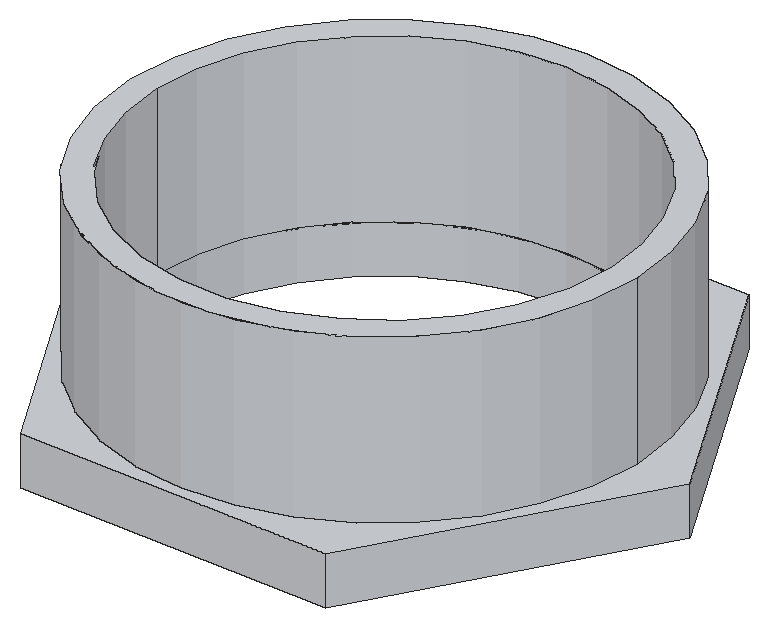
Revit family "MBBL6", category Generic Models, Revit 2017
Family settings
  Can host rebar = No
  Round Connector Dimension = Use Diameter
  Part Type = Normal
  Work Plane-Based = Yes
  Always vertical = No
  Cut with Voids When Loaded = No
  Shared = No
  Room Calculation Point = No
Parameters (values of type "NBS Standard Parameters")
  Weight = "0.150Kg"
  WarrantyStartDate [instance] = "1900-12-31T23:59:59"
  WarrantyGuarantorParts = "n/a"
  WarrantyGuarantorLabor = "n/a"
  WarrantyDurationUnit = "1 year"
  WarrantyDurationParts = "1 year"
  WarrantyDurationLabor = "n/a"
  WarrantyDescription = "n/a"
  Version = "1"
  Uniclass2 = "Pr_65_70_11_20"
  TagNumber [instance] = "n/a"
  SustainabilityPerformance = "n/a"
  Size = "63mm"
  Shape = "Circular"
  SerialNumber [instance] = "n/a"
  Revision = "n/a"
  ReplacementCost = "n/a"
  ProductInformation = "www.metpro.co.uk/pdf/mbbl6.pdf"
  NominalWidth = 67 mm
  NominalLength = 67 mm
  NominalHeight = 26 mm
  Name = ""
  NBSTypeID = ""
  NBSReference = "90-55-10/460"
  NBSOfficeMasterTag = ""
  NBSNote = ""
  NBSDescription = "Conduit Fittings"
  NBSCertification = ""
  ModelReference = "MBBL6"
  ModelNumber = "n/a"
  Material = "Brass"
  ManufacturerURL = "www.metpro.co.uk"
  ManufacturerName = "Metpro Ltd"
  InstallationDate [instance] = "1900-12-31T23:59:59"
  IfcExportType = ""
  IfcExportAs = ""
  Grade = "n/a"
  Finish = "Self Colour"
  Features = "n/a"
  ExpectedLife = "n/a"
  DurationUnit = "year"
  Description = "MBBL6 - 63mm Male Brass Bush  - Long"
  Default Elevation = 1219.2 mm
  Constituents = "n/a"
  Color = "n/a"
  CodePerformance = "n/a"
  Category = "n/a"
  BarCode [instance] = "n/a"
  BIMObjectName = "Metpro_metprolibrary_conduitfittings_metalcomponent_brassaccessories"
  Author = "Metpro Ltd"
  AssetType = "Fixed"
  AssetIdentifier [instance] = "n/a"
  AccessibilityPerformance = "n/a"
Reference planes
  plane 1 "Center (Front/Back)": y = 0
  plane 2: z = 0
  plane 3 "Center (Left/Right)": x = 0
Forms (mm)
  Extrusion 1, solid
    sketch origin (0, 0, 0) x (1, 0, 0) y (0, 1, 0)
      loop
        circle (8.689, 13.293) r 28
      loop
        line (27.485, -19.262) -> (46.28, 13.293) -> (27.485, 45.848) -> (-10.107, 45.848) -> (-28.903, 13.293) -> (-10.107, -19.262) -> (27.485, -19.262)
    from 0 to 6
  Extrusion 2, solid
    sketch origin (0, 0, 6) x (1, 0, 0) y (0, 1, 0)
      loop
        circle (8.689, 13.293) r 28
      loop
        circle (8.689, 13.293) r 31.2
    from 0 to 20.5
Dimensions and locks
  aligned and locked: level to plane 2
